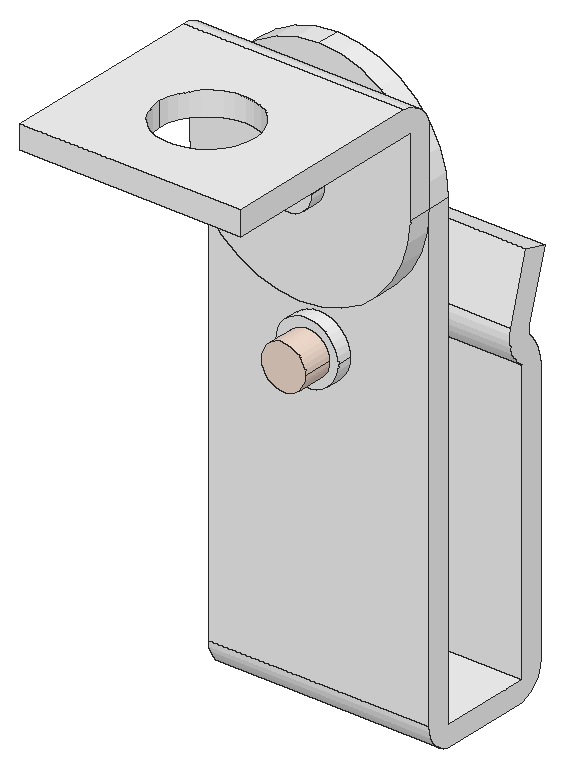
Revit family "RPフリーハンガー4分用（C38)", category 機械設備, Revit 2020
Family settings
  丸型コネクタ寸法 = 直径を使用
  種別 = なし
  パーツ タイプ = 標準
  作業面ベース = いいえ
  常に垂直 = はい
  ロード時にボイドで切り取り = いいえ
  共有 = いいえ
  部屋計算ポイント = いいえ
Parameters
  製造元 = "株式会社桐井製作所"
  既定の高さ = 0 mm
  URL = "https://www.kirii.co.jp/"
  K_角度 [instance] = 90.00°
  K_材質 = "SGHC　一般用"
  K_外形寸法(mm) = "H80.6"
  K_品名 = "RPフリーハンガー4分用(C-38)"
  K_名称 = "耐震ハンガー"
  K_入数 = "100"
  K_バージョン情報 = "20211012"
  K_めっき付着量 = "Z12"
  K_JIS規格 = "JIS G 3302"
Reference planes
  plane 1 "中心(正面/背面)": y = 0
  plane 2: z = 0
  plane 3 "中心(左/右)": x = 0
Forms (mm)
  Extrusion 1, void
    sketch origin (0, -2.263, 0) x (1, 0, 0) y (0, 1, 0)
      loop
        circle (0, -16.737) r 6.5
    from 10.8 to 14
  Extrusion 2, solid
    sketch origin (0, -3.2, 0) x (0, 1, 0) y (0, 0, 1)
      loop
        line (-1.05, 14) -> (-28.8, 14) -> (-28.8, 10.8) -> (0, 10.8) -> (0, -15) -> (3.2, -15) -> (3.2, 9.75)
        arc (3.2, 9.75) -> (1.955, 12.755) -> (-1.05, 14) r 4.25
    from -15 to 15
  Extrusion 3, solid
    sketch origin (0, 0, 0) x (1, 0, 0) y (0, 0, 1)
      loop
        circle (0, 0) r 3.25
    from 3.2 to 5.2
  Extrusion 4, void
    sketch origin (0, 0, 0) x (1, 0, 0) y (0, 0, 1)
      loop
        line (-15, 0) -> (-15, -15) -> (0, -15)
        arc (0, -15) -> (-10.607, -10.607) -> (-15, 0) r 15
    from 0 to 3.2
  Extrusion 5, void
    sketch origin (0, 0, 0) x (-1, 0, 0) y (0, 0, -1)
      loop
        arc (-15, 0) -> (-10.607, 10.607) -> (0, 15) r 15
        line (0, 15) -> (-15, 15) -> (-15, 0)
    from 0 to 3.2
Cuts and joins
  Extrusion 1, Extrusion 4, Extrusion 5 cuts Extrusion 2
  Extrusion 4, Extrusion 5 cuts Extrusion 3
  joined: Extrusion 2, Extrusion 3
Dimensions and locks
  "K_角度": angle nested 1 to plane 2
  aligned and locked: level to plane 2
Automatic sketch dimensions
  Extrusion 1 sketch curve to plane 3 "中心(左/右)" = 0 mm
  plane 1 "中心(正面/背面)" to Extrusion 1 sketch curve = 19 mm
  Extrusion 2 sketch curve to plane 1 "中心(正面/背面)" = 0 mm
  plane 1 "中心(正面/背面)" to Extrusion 2 sketch curve = 3.2 mm
  Extrusion 2 sketch curve to Extrusion 2 sketch curve = 1.05 mm
  Extrusion 2 sketch curve to Extrusion 2 sketch curve = 27.75 mm
  Extrusion 2 sketch curve to level = 15 mm
  level to Extrusion 2 sketch curve = 9.75 mm
  Extrusion 2 sketch curve to Extrusion 2 sketch curve = 3.2 mm
  Extrusion 3 sketch curve to level = 0 mm
  Extrusion 3 sketch curve to plane 3 "中心(左/右)" = 0 mm
  Extrusion 4 sketch curve to level = 0 mm  (x2)
  Extrusion 4 sketch curve to plane 3 "中心(左/右)" = 0 mm
  Extrusion 4 sketch curve to level = 15 mm
  Extrusion 5 sketch curve to level = 0 mm  (x2)
  Extrusion 5 sketch curve to plane 3 "中心(左/右)" = 0 mm
  level to Extrusion 5 sketch curve = 15 mm
  radius of Extrusion 1 sketch curve = 6.5 mm
  radius of Extrusion 3 sketch curve = 3.25 mm
Nested families
  nested 1: "RPフリーハンガー(C38用)下部金具" at (0, 0, 0), type "RPフリーハンガー(C38用)下部金具"
Definition of nested family "RPフリーハンガー(C38用)下部金具"
  Parameters (values of type "RPフリーハンガー(C38用)下部金具")
    Manufacturer = "株式会社桐井製作所"
    Default Elevation = 0 mm
    URL = "https://www.kirii.co.jp/"
    K_名称 = "RPフリーハンガー(C38用)下部金具"
    K_バージョン情報 = "20211012"
  Reference planes
    plane 1 "中心(正面/背面)": y = 0
    plane 2: z = 0
    plane 3 "中心(左/右)": x = 0
  Forms (mm)
    Extrusion 1, solid
      sketch origin (0, 2, -91) x (0, 1, 0) y (0, 0, 1)
        loop
          line (1.2, 106) -> (-2, 106) -> (-2, 28)
          arc (-2, 28) -> (-0.828, 25.172) -> (2, 24) r 4
          line (2, 24) -> (12.9, 24)
          arc (12.9, 24) -> (15.728, 25.172) -> (16.9, 28) r 4
          line (16.9, 28) -> (16.9, 63.756)
          arc (16.9, 63.756) -> (16.48, 66.054) -> (15.275, 68.055) r 6.5
          arc (15.275, 68.055) -> (14.932, 68.737) -> (14.97, 69.499) r 1.5
          line (14.97, 69.499) -> (17.563, 78.074) -> (14.5, 79) -> (11.911, 70.439)
          arc (11.911, 70.439) -> (11.952, 67.528) -> (13.7, 65.2) r 4.7
          line (13.7, 65.2) -> (13.7, 26.9) -> (1.2, 26.9) -> (1.2, 106)
      from -15 to 15
    Extrusion 2, void
      sketch origin (0, 0, 0) x (1, 0, 0) y (0, 0, 1)
        loop
          arc (3.5, -20.734) -> (0, -17.234) -> (-3.5, -20.734) r 3.5
          line (-3.5, -20.734) -> (-3.5, -23.3)
          arc (-3.5, -23.3) -> (0, -26.8) -> (3.5, -23.3) r 3.5
          line (3.5, -23.3) -> (3.5, -20.734)
      from -18.9 to -13.36
    Extrusion 3, void
      sketch origin (0, 0, 0) x (1, 0, 0) y (0, 0, 1)
        loop
          circle (0, -21.8) r 3
      from -3.2 to 2
    Extrusion 4, solid
      sketch origin (0, 0, 0) x (1, 0, 0) y (0, 0, 1)
        loop
          circle (0, -21.8) r 4.25
        loop
          circle (0, -21.8) r 3
      from 0 to 2
    Extrusion 5, solid
      sketch origin (0, 0, 0) x (1, 0, 0) y (0, 0, 1)
        loop
          circle (0, 0) r 5
      from -5 to -3.2
    Extrusion 6, void
      sketch origin (0, 0, 0) x (1, 0, 0) y (0, 0, 1)
        loop
          line (0, 15) -> (-15, 15) -> (-15, 0)
          arc (-15, 0) -> (-10.607, 10.607) -> (0, 15) r 15
      from -3.2 to 0
    Extrusion 7, void
      sketch origin (0, 0, 0) x (-1, 0, 0) y (0, 0, -1)
        loop
          arc (0, -15) -> (-10.607, -10.607) -> (-15, 0) r 15
          line (-15, 0) -> (-15, -15) -> (0, -15)
      from -3.2 to 0
    Extrusion 8, void
      sketch origin (-0.051, 0, -0.014) x (1, 0, 0) y (0, 0, 1)
        loop
          circle (8.646, -2.5) r 2.5
        loop
          circle (-8.646, -2.5) r 2.5
      from -3.2 to 0
  Cuts and joins
    Extrusion 2, Extrusion 3, Extrusion 6, Extrusion 7, Extrusion 8 cuts Extrusion 1
    Extrusion 6, Extrusion 7 cuts Extrusion 4
    Extrusion 6, Extrusion 7 cuts Extrusion 5
    joined: Extrusion 1, Extrusion 4, Extrusion 5
  Dimensions and locks
    aligned and locked: level to plane 2
  Nested families
    nested 1: "M6×25ボルト" at (0, 19.016, -21.612) x (-1, 0, 0) z (0, 0, 1), type "M6×25ボルト"
  Definition of nested family "M6×25ボルト"
    Parameters (values of type "M6×25ボルト")
      Manufacturer = "株式会社桐井製作所"
      Default Elevation = 0 mm
      URL = "https://www.kirii.co.jp/"
      K_名称 = "M6×25ボルト"
    Reference planes
      plane 1 "中心(正面/背面)": y = 0
      plane 2: z = 0
      plane 3 "中心(左/右)": x = 0
      plane 4 "正面": y = -4
    Forms (mm)
      Extrusion 1, solid
        sketch origin (0, 0, 0) x (1, 0, 0) y (0, 0, 1)
          loop
            line (-4.763, -2.946) -> (0, -5.696) -> (4.763, -2.946) -> (4.763, 2.554) -> (0, 5.304) -> (-4.763, 2.554) -> (-4.763, -2.946)
        from 0 to 4
      Extrusion 2, void
        sketch origin (0, -4, 0) x (-1, 0, 0) y (0, 0, 1)
          loop
            circle (0, -0.156) r 4.396
        from 0 to 1
      Extrusion 3, void
        sketch origin (0, -4, 0) x (-1, 0, 0) y (0, 0, 1)
          loop
            arc (-0.6, 1.814) -> (-1.069, 0.856) -> (-2.036, 0.404) r 1.605
            line (-2.036, 0.404) -> (-2.939, 0.404)
            arc (-2.939, 0.404) -> (-3, -0.195) -> (-2.94, -0.795) r 3
            line (-2.94, -0.795) -> (-2.049, -0.795)
            arc (-2.049, -0.795) -> (-1.074, -1.243) -> (-0.6, -2.206) r 1.605
            line (-0.6, -2.206) -> (-0.6, -3.135)
            arc (-0.6, -3.135) -> (0, -3.196) -> (0.6, -3.135) r 3
            line (0.6, -3.135) -> (0.6, -2.206)
            arc (0.6, -2.206) -> (1.074, -1.243) -> (2.049, -0.795) r 1.605
            line (2.049, -0.795) -> (2.94, -0.795)
            arc (2.94, -0.795) -> (3, -0.198) -> (2.941, 0.398) r 3
            line (2.941, 0.398) -> (2.117, 0.398)
            arc (2.117, 0.398) -> (1.098, 0.828) -> (0.6, 1.814) r 1.605
            line (0.6, 1.814) -> (0.6, 2.743)
            arc (0.6, 2.743) -> (0, 2.804) -> (-0.6, 2.743) r 3
            line (-0.6, 2.743) -> (-0.6, 1.814)
        from 0 to 2
      Extrusion 4, solid
        sketch origin (0, 0, 0) x (1, 0, 0) y (0, 0, 1)
          loop
            circle (-0.011, -0.2) r 3
        from 0 to -25
    Cuts and joins
      Extrusion 2, Extrusion 3 cuts Extrusion 1
      joined: Extrusion 1, Extrusion 4
    Dimensions and locks
      aligned and locked: level to plane 2
